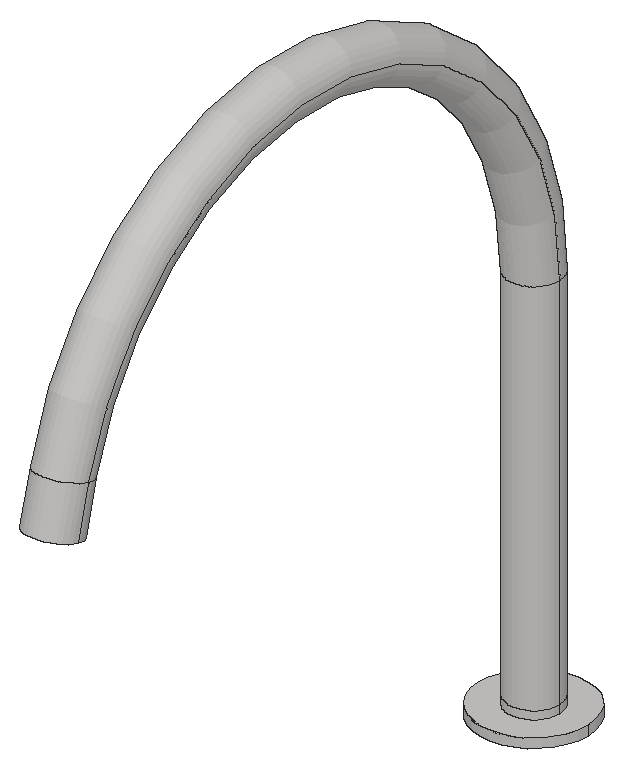
Revit family "090H", category Generic Models, Revit 2021
Family settings
  Can host rebar = No
  Round Connector Dimension = Use Diameter
  Part Type = Normal
  Work Plane-Based = No
  Always vertical = Yes
  Cut with Voids When Loaded = No
  Shared = No
  Room Calculation Point = No
Parameters (values of type "Standard")
  e-mail = "info@vola.com"
  URL = "http://vola.com"
  Telephone = "+45 7023 5500"
  Quality management standard = "ISO 9001"
  Organisation no. / DUNS no. = "17531328"
  Occupational health and safety management standard = "ISO 18001"
  Mounting Instructions = "http://vola.com/service/producturl.ashx?name=090H"
  Model = "090H"
  Materials and components information = "http://vola.com/service/producturl.ashx?name=090H"
  Manufacturer = "VOLA A/S"
  Maintenance Instructions = "http://vola.com/service/producturl.ashx?name=090H"
  Guarantee = "2 years"
  Environmental management standard = "ISO 14000"
  Default Elevation = 0.0000 mm
  Connection - All relevant connections = ""
  Approvals = "http://vola.com/service/producturl.ashx?name=090H"
Reference planes
  plane 1 "Center (Front/Back)": y = 0
  plane 2: z = 0
  plane 3 "Center (Left/Right)": x = 0
Forms (mm)
  Sweep 1, solid, material "Stainless Steel"
    path origin (0, 0, 0) x (0, 1, 0) y (0, 0, 1)
      loop
        arc (-215.269, 173.841) -> (-95.207, 254.063) -> (0, 145.5) r 109.5
        line (0, 145.5) -> (0, 6.5)
    profile origin (0, 0, 76) x (1, 0, 0) y (0, 1, 0)
      loop
        circle (0, 0) r 9.5
  Extrusion 2, solid, material "Stainless Steel"
    sketch origin (0, 0, 0) x (1, 0, 0) y (0, 1, 0)
      loop
        circle (0, 0) r 20
    from 0 to 3.5
  Extrusion 3, solid, material "Stainless Steel"
    sketch origin (0, 0, 3.5) x (1, 0, 0) y (0, 1, 0)
      loop
        circle (0, 0) r 9.5
    from 0 to 3
  Extrusion 4, solid, material "Stainless Steel"
    sketch origin (0, -215.269, 173.841) x (0, 0.965926, -0.258819) y (1, 0, 0)
      loop
        circle (0, 0) r 9.5
    from 0 to 18.5
Cuts and joins
  joined: Sweep 1, Extrusion 2
Dimensions and locks
  aligned and locked: plane 2 to level
